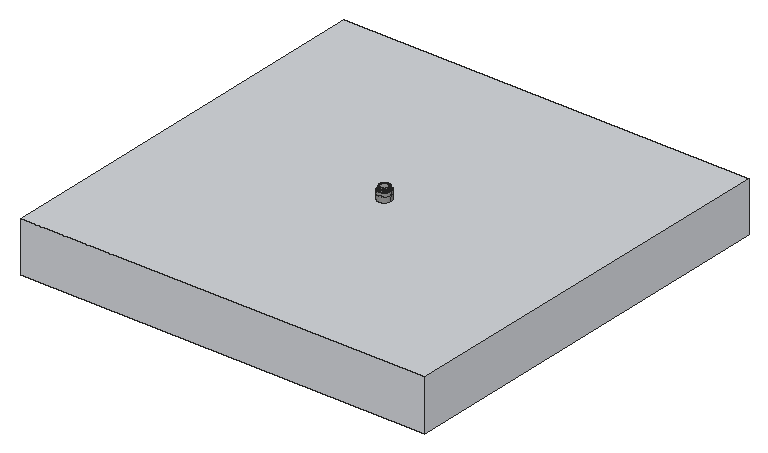
Revit family "Hekatron_Brandmeldetechnik_ORS 155 F _DE_23.01", category Brandmelder, Revit 2018
Family settings
  Basisbauteil = Fläche
  Beschriftungsausrichtung beibehalten = Ja
  Bemaßung runder Anschluss = Durchmesser verwenden
  Teiletyp = Normal
  OmniClass-Nummer = 23.85.30.21
  OmniClass-Titel = Environmental Detection/Registration
  Beim Laden mit Abzugskörper schneiden = Nein
  Gemeinsam genutzt = Nein
  Raumberechnungspunkt = Nein
Parameters (values of type "ORS 155 F")
  Zulassungen nach EN 54 = "54-7, 54-25"
  Zulaessige Umgebungstemperatur = "-30 °C bis 70 °C"
  Zulaessige Luftgeschwindigkeit = ""
  Version des BIM Objektes = "23.01"
  VdS-Anerkennung = ""
  URL = "www.hekatron-brandschutz.de"
  UB A&S Artikel Nummer = "31-5000026-01-03"
  Typenkommentare = "Optischer Funkrauchschalter weiß"
  Tiefe (mm) = ""
  Stromaufnahme = ""
  Schutzart = "IP 42"
  Rauchteil einstellbar = ""
  Nettogewicht (g) = "168.0"
  Montageart = "Decke "
  Model = "ORS 155 F "
  Material = "Polycarbonat "
  Link zum Datenblatt = "https://www.hekatron-brandschutz.de/fileadmin/hekatron_elo/eloid/montageanleitung-ors-155-f_14638944.pdf"
  Link zu ausschreiben.de = "https://ausschreiben.de/catalog/hekatron/catalogItem/9a25f535-0c8d-4ccb-97c0-92f722ad80ba"
  Link zu Produktinformation = "https://www.hekatron-brandschutz.de/fileadmin/hekatron_elo/manuell/Produktinformation-Funksystem-155-F.pdf"
  Link zu Ausschreibungstext = "https://www.meinhplus.de/login"
  Leistungserklaerung (DoP) = "CRP-31-20-001"
  Lautstaerke DIN-Ton (dB) = ""
  Kabeleinführung = ""
  Hoehe (mm) = "70.0"
  Hersteller = "Hekatron"
  Funktionsprinzip = ""
  Farbe = "weiß, ähnlich RAL 9010"
  Ex-Zonen = ""
  Einstellung Temperaturklasse nach EN 54-5 = ""
  Einstellung Temperaturindex nach EN 54-5 = ""
  Einstellung Rauchempfindlichkeit nach EN 54-20 = ""
  Einstellen Rauchempfindlichkeit nach EN 54-7 = ""
  EG-Konformitaetszertifikat / Zertifikat der Leistungsbestaendigkeit = "1772-CPR-200341"
  Durchmesser (mm) = "80.0"
  Diameter [instance] = 80 mm
  Breite (mm) = ""
  Betriebsspannung = "3 V DC"
  Beschreibung = "Optischer Funkrauchschalter zum Einsatz in Feststellanlagen und weiteren Anwendungen."
  Depth [instance] = 70 mm
  Vorgabe-Ansicht = 1200 mm
  Bauartgenehmigungen = ""
  Anzahl Ansaugleitungen = ""
  Ansprechtemperatur = ""
  Alarm- & Empfindlichkeitsbereich = ""
Types (2, lengths in mm): name | Typenkommentare | Beschreibung
  (no name) | "Radio optical smoke switch 155" | "Radio optical smoke switch 155"
  ORS 155 F | "Optischer Funkrauchschalter weiß" | "Optischer Funkrauchschalter zum Einsatz in Feststellanlagen und weiteren Anwendungen."
Values of the unnamed type that differ from the named types
  Zulassungen nach EN 54 = ""
  Zulaessige Umgebungstemperatur = ""
  Version des BIM Objektes = ""
  UB A&S Artikel Nummer = ""
  Schutzart = ""
  Nettogewicht (g) = ""
  Montageart = ""
  Model = "ORS 155 F"
  Material = ""
  Link zum Datenblatt = ""
  Link zu ausschreiben.de = ""
  Link zu Produktinformation = ""
  Link zu Ausschreibungstext = ""
  Leistungserklaerung (DoP) = ""
  Hoehe (mm) = ""
  Farbe = ""
  EG-Konformitaetszertifikat / Zertifikat der Leistungsbestaendigkeit = ""
  Durchmesser (mm) = ""
  Betriebsspannung = ""
Reference planes
  plane 1 "Center (Front/Back)": y = 0
  plane 2: z = 0
  plane 3 "Center (Left/Right)": x = 0
Forms (mm)
  Extrusion 1, solid
    sketch origin (0, 0, 0) x (1, 0, 0) y (0, 1, 0)
      loop
        line (-1219.2, 1219.2) -> (-1219.2, -1219.2) -> (1219.2, -1219.2) -> (1219.2, 1219.2) -> (-1219.2, 1219.2)
    from 0 to -304.8
  Blend 2, solid, material "Polycarbonat, RAL 9010"
    base sketch origin (0, 0, 0) x (1, 0, 0) y (0, 1, 0)
      loop
        circle (0, 0) r 39.4
    top sketch origin (0, 0, 0) x (1, 0, 0) y (0, 1, 0)
      loop
        circle (0, 0) r 40
    from 0.5 to 32.7
  Extrusion 3, solid, material "Polycarbonat, RAL 9010"
    sketch origin (0, 0, 0) x (1, 0, 0) y (0, 1, 0)
      loop
        circle (0, 0) r 40
      loop
        circle (0, 0) r 37.4
    from 33.7 to 49.6
  Extrusion 4, solid, material "Polycarbonat, RAL 9010"
    sketch origin (0, 0, 0) x (1, 0, 0) y (0, 1, 0)
      loop
        circle (0, 0) r 38.7
    from 32.7 to 33.7
  Extrusion 5, solid, material "Polycarbonat, RAL 9010"
    sketch origin (0, 0, 0) x (1, 0, 0) y (0, 1, 0)
      loop
        circle (0, 0) r 29.2
    from 49.6 to 54.756
  Extrusion 6, solid, material "Polycarbonat, RAL 9010"
    sketch origin (0, 0, 0) x (1, 0, 0) y (0, 1, 0)
      loop
        circle (0, 0) r 34.25
      loop
        circle (0, 0) r 37.25
    from 33.7 to 49.6
  Extrusion 7, solid, material "Polycarbonat, RAL 9010"
    sketch origin (0, 0, 0) x (1, 0, 0) y (0, 1, 0)
      loop
        circle (0, 0) r 29.22
      loop
        circle (0, 0) r 34.1
    from 33.7 to 49.6
  Revolve 8, solid, material "Polycarbonat, RAL 9010"
    sketch origin (0, 0, 0) x (1, 0, 0) y (0, 0, 1)
      loop
        line (-28.95, 56.905) -> (-28.95, 55.705) -> (-26.691, 55.705) -> (-26.691, 56.905) -> (-28.95, 56.905)
      loop
        line (-28.95, 59.605) -> (-28.95, 58.405) -> (-26.691, 58.405) -> (-26.691, 59.605) -> (-28.95, 59.605)
      loop
        line (-28.95, 62.405) -> (-28.95, 61.205) -> (-26.691, 61.205) -> (-26.691, 62.405) -> (-28.95, 62.405)
      loop
        line (-28.95, 65.805) -> (-28.95, 64.425) -> (-24.95, 64.425) -> (-24.95, 65.805) -> (-28.95, 65.805)
      loop
        line (-28.95, 70) -> (-28.95, 68.242) -> (-26.691, 68.242) -> (-26.691, 70) -> (-28.95, 70)
      axis (0, 70) -> (0, 55.705)
    angle from 0 to 360
  Extrusion 9, solid, material "Polycarbonat, RAL 9010"
    sketch origin (18.332, -14.712, 1.143) x (-0.390731, -0.920505, 0) y (0, 0, 1)
      loop
        line (18.452, 67.399) -> (18.452, 64.962) -> (20.837, 64.962)
        arc (20.837, 64.962) -> (20.206, 65.628) -> (19.977, 66.516) r 1.835
        line (19.977, 66.516) -> (19.977, 67.399) -> (18.452, 67.399)
    from 21.064 to 25.046
  Extrusion 10, solid, material "Polycarbonat, RAL 9010"
    sketch origin (-18.332, -14.712, 1.143) x (0.390731, -0.920505, 0) y (0, 0, -1)
      loop
        line (18.452, -67.399) -> (19.977, -67.399) -> (19.977, -66.516)
        arc (19.977, -66.516) -> (20.206, -65.628) -> (20.837, -64.962) r 1.835
        line (20.837, -64.962) -> (18.452, -64.962) -> (18.452, -67.399)
    from 21.064 to 25.046
  Extrusion 11, solid, material "Polycarbonat, RAL 9010"
    sketch origin (14.712, -18.332, 1.143) x (0.920505, 0.390731, 0) y (0, 0, -1)
      loop
        line (18.452, -67.399) -> (19.977, -67.399) -> (19.977, -66.516)
        arc (19.977, -66.516) -> (20.206, -65.628) -> (20.837, -64.962) r 1.835
        line (20.837, -64.962) -> (18.452, -64.962) -> (18.452, -67.399)
    from 21.064 to 25.046
  Extrusion 12, solid, material "Polycarbonat, RAL 9010"
    sketch origin (14.712, 18.332, 1.143) x (0.920505, -0.390731, 0) y (0, 0, 1)
      loop
        line (18.452, 67.399) -> (18.452, 64.962) -> (20.837, 64.962)
        arc (20.837, 64.962) -> (20.206, 65.628) -> (19.977, 66.516) r 1.835
        line (19.977, 66.516) -> (19.977, 67.399) -> (18.452, 67.399)
    from 21.064 to 25.046
  Extrusion 13, solid, material "Polycarbonat, RAL 9010"
    sketch origin (-14.712, -18.332, 1.143) x (-0.920505, 0.390731, 0) y (0, 0, 1)
      loop
        line (18.452, 67.399) -> (18.452, 64.962) -> (20.837, 64.962)
        arc (20.837, 64.962) -> (20.206, 65.628) -> (19.977, 66.516) r 1.835
        line (19.977, 66.516) -> (19.977, 67.399) -> (18.452, 67.399)
    from 21.064 to 25.046
  Extrusion 14, solid, material "Polycarbonat, RAL 9010"
    sketch origin (-14.712, 18.332, 1.143) x (-0.920505, -0.390731, 0) y (0, 0, -1)
      loop
        line (18.452, -67.399) -> (19.977, -67.399) -> (19.977, -66.516)
        arc (19.977, -66.516) -> (20.206, -65.628) -> (20.837, -64.962) r 1.835
        line (20.837, -64.962) -> (18.452, -64.962) -> (18.452, -67.399)
    from 21.064 to 25.046
  Extrusion 15, solid, material "Polycarbonat, RAL 9010"
    sketch origin (18.332, 14.712, 1.143) x (-0.390731, 0.920505, 0) y (0, 0, -1)
      loop
        line (18.452, -67.399) -> (19.977, -67.399) -> (19.977, -66.516)
        arc (19.977, -66.516) -> (20.206, -65.628) -> (20.837, -64.962) r 1.835
        line (20.837, -64.962) -> (18.452, -64.962) -> (18.452, -67.399)
    from 21.064 to 25.046
  Extrusion 16, solid, material "Polycarbonat, RAL 9010"
    sketch origin (-18.332, 14.712, 1.143) x (0.390731, 0.920505, 0) y (0, 0, 1)
      loop
        line (18.452, 67.399) -> (18.452, 64.962) -> (20.837, 64.962)
        arc (20.837, 64.962) -> (20.206, 65.628) -> (19.977, 66.516) r 1.835
        line (19.977, 66.516) -> (19.977, 67.399) -> (18.452, 67.399)
    from 21.064 to 25.046
  Extrusion 17, solid, material "Polycarbonat, RAL 9010"
    sketch origin (0, 0, 0) x (1, 0, 0) y (0, 1, 0)
      loop
        line (9.648, 26.718) -> (9.017, 25.233) -> (12.682, 23.677) -> (13.313, 25.162) -> (9.648, 26.718)
    from 54.756 to 64.725
  Extrusion 18, solid, material "Polycarbonat, RAL 9010"
    sketch origin (0, 0, 0) x (-1, 0, 0) y (0, -1, 0)
      loop
        line (9.648, -26.718) -> (13.313, -25.162) -> (12.682, -23.677) -> (9.017, -25.233) -> (9.648, -26.718)
    from 54.756 to 64.725
  Extrusion 19, solid, material "Polycarbonat, RAL 9010"
    sketch origin (0, 0, 0) x (0, -1, 0) y (1, 0, 0)
      loop
        line (9.648, -26.718) -> (13.313, -25.162) -> (12.682, -23.677) -> (9.017, -25.233) -> (9.648, -26.718)
    from 54.756 to 64.725
  Extrusion 20, solid, material "Polycarbonat, RAL 9010"
    sketch origin (0, 0, 0) x (0, 1, 0) y (-1, 0, 0)
      loop
        line (9.648, 26.718) -> (9.017, 25.233) -> (12.682, 23.677) -> (13.313, 25.162) -> (9.648, 26.718)
    from 54.756 to 64.725
  Extrusion 21, solid, material "Polycarbonat, RAL 9010"
    sketch origin (0, 0, 0) x (0, -1, 0) y (1, 0, 0)
      loop
        line (9.648, 26.718) -> (9.017, 25.233) -> (12.682, 23.677) -> (13.313, 25.162) -> (9.648, 26.718)
    from 54.756 to 64.725
  Extrusion 22, solid, material "Polycarbonat, RAL 9010"
    sketch origin (0, 0, 0) x (0, 1, 0) y (-1, 0, 0)
      loop
        line (9.648, -26.718) -> (13.313, -25.162) -> (12.682, -23.677) -> (9.017, -25.233) -> (9.648, -26.718)
    from 54.756 to 64.725
  Extrusion 23, solid, material "Polycarbonat, RAL 9010"
    sketch origin (0, 0, 0) x (1, 0, 0) y (0, 1, 0)
      loop
        line (9.648, -26.718) -> (13.313, -25.162) -> (12.682, -23.677) -> (9.017, -25.233) -> (9.648, -26.718)
    from 54.756 to 64.725
  Extrusion 24, solid, material "Polycarbonat, RAL 9010"
    sketch origin (0, 0, 0) x (-1, 0, 0) y (0, -1, 0)
      loop
        line (9.648, 26.718) -> (9.017, 25.233) -> (12.682, 23.677) -> (13.313, 25.162) -> (9.648, 26.718)
    from 54.756 to 64.725
  Extrusion 25, solid, material "Polycarbonat, RAL 9010"
    sketch origin (0, 0, 0) x (1, 0, 0) y (0, 1, 0)
      loop
        line (23.731, 18.897) -> (20.267, 16.897)
        arc (20.267, 16.897) -> (18.62, 10.75) -> (24.767, 9.103) r 4.5
        line (24.767, 9.103) -> (28.231, 11.103)
        arc (28.231, 11.103) -> (29.878, 17.25) -> (23.731, 18.897) r 4.5
      loop
        line (-20.617, -14.79) -> (-23.117, -10.46)
        arc (-23.117, -10.46) -> (-29.264, -8.813) -> (-30.911, -14.96) r 4.5
        line (-30.911, -14.96) -> (-28.411, -19.29)
        arc (-28.411, -19.29) -> (-22.264, -20.937) -> (-20.617, -14.79) r 4.5
      loop
        arc (21.517, 14.732) -> (20.785, 12) -> (23.517, 11.268) r 2
        line (23.517, 11.268) -> (26.981, 13.268)
        arc (26.981, 13.268) -> (27.713, 16) -> (24.981, 16.732) r 2
        line (24.981, 16.732) -> (21.517, 14.732)
      loop
        arc (-26.246, -18.04) -> (-23.514, -18.772) -> (-22.782, -16.04) r 2
        line (-22.782, -16.04) -> (-25.282, -11.71)
        arc (-25.282, -11.71) -> (-28.014, -10.978) -> (-28.746, -13.71) r 2
        line (-28.746, -13.71) -> (-26.246, -18.04)
      loop
        circle (-14.879, 25.763) r 4.02
      loop
        circle (-14.879, 25.763) r 5
      loop
        circle (14.879, -25.763) r 4.02
      loop
        circle (14.879, -25.763) r 5
    from 0 to 0.5
  Extrusion 26, void
    sketch origin (0, 0, 0) x (1, 0, 0) y (0, 1, 0)
      loop
        circle (0, 0) r 5
      loop
        circle (-14.879, 25.763) r 4.02
      loop
        line (24.981, 16.732) -> (21.517, 14.732)
        arc (21.517, 14.732) -> (20.785, 12) -> (23.517, 11.268) r 2
        line (23.517, 11.268) -> (26.981, 13.268)
        arc (26.981, 13.268) -> (27.713, 16) -> (24.981, 16.732) r 2
      loop
        circle (14.879, -25.763) r 4.02
      loop
        line (-22.782, -16.04) -> (-25.282, -11.71)
        arc (-25.282, -11.71) -> (-28.014, -10.978) -> (-28.746, -13.71) r 2
        line (-28.746, -13.71) -> (-26.246, -18.04)
        arc (-26.246, -18.04) -> (-23.514, -18.772) -> (-22.782, -16.04) r 2
    from 0.5 to 1
  Extrusion 27, solid, material "Polycarbonat, RAL 9010"
    sketch origin (0, 0, 0) x (1, 0, 0) y (0, 1, 0)
      loop
        circle (0, 0) r 26.691
    from 68.542 to 70
Cuts and joins
  Extrusion 26 cuts Blend 2
  Extrusion 26 cuts Extrusion 4
  Extrusion 26 cuts Extrusion 5
Dimensions and locks
  "Depth": Revolve 8 to Extrusion 1
  "Diameter": diameter of Extrusion 3
  aligned and locked: plane 2 to Extrusion 1
  aligned and locked: level to Extrusion 1
Automatic sketch dimensions
  Extrusion 1 sketch curve to Extrusion 1 sketch curve = 2438.4 mm  (x2)
  plane 1 "Center (Front/Back)" to Blend 2 sketch curve = 0 mm  (x2)
  Blend 2 sketch curve to plane 3 "Center (Left/Right)" = 0 mm  (x2)
  Extrusion 3 sketch curve to Extrusion 3 sketch curve = 0 mm  (x2)
  plane 1 "Center (Front/Back)" to Extrusion 3 sketch curve = 0 mm
  Extrusion 3 sketch curve to plane 3 "Center (Left/Right)" = 0 mm
  plane 1 "Center (Front/Back)" to Extrusion 4 sketch curve = 0 mm
  Extrusion 4 sketch curve to plane 3 "Center (Left/Right)" = 0 mm
  plane 1 "Center (Front/Back)" to Extrusion 5 sketch curve = 0 mm
  Extrusion 5 sketch curve to plane 3 "Center (Left/Right)" = 0 mm
  Extrusion 6 sketch curve to Extrusion 6 sketch curve = 0 mm  (x2)
  plane 1 "Center (Front/Back)" to Extrusion 6 sketch curve = 0 mm
  Extrusion 6 sketch curve to plane 3 "Center (Left/Right)" = 0 mm
  Extrusion 7 sketch curve to Extrusion 7 sketch curve = 0 mm  (x2)
  plane 1 "Center (Front/Back)" to Extrusion 7 sketch curve = 0 mm
  Extrusion 7 sketch curve to plane 3 "Center (Left/Right)" = 0 mm
  Revolve 8 sketch curve to plane 3 "Center (Left/Right)" = 0 mm
  Revolve 8 sketch curve to plane 3 "Center (Left/Right)" = 24.95 mm
  Revolve 8 sketch curve to Revolve 8 sketch curve = 1.741 mm  (x2)
  Revolve 8 sketch curve to Revolve 8 sketch curve = 0 mm  (x3)
  Revolve 8 sketch curve to Revolve 8 sketch curve = 2.259 mm  (x4)
  level to Revolve 8 sketch curve = 55.705 mm
  Revolve 8 sketch curve to Revolve 8 sketch curve = 1.2 mm  (x3)
  Revolve 8 sketch curve to Revolve 8 sketch curve = 1.5 mm
  Revolve 8 sketch curve to Revolve 8 sketch curve = 1.6 mm
  Revolve 8 sketch curve to Revolve 8 sketch curve = 2.02 mm
  Revolve 8 sketch curve to Revolve 8 sketch curve = 1.38 mm
  Revolve 8 sketch curve to Revolve 8 sketch curve = 2.437 mm
  Revolve 8 sketch curve to Revolve 8 sketch curve = 1.758 mm
  Revolve 8 sketch curve to level = 609.6 mm
  Revolve 8 sketch curve to Revolve 8 sketch curve = 2538.758 mm
  level to Extrusion 9 sketch curve = 66.105 mm
  Extrusion 9 sketch curve to Extrusion 9 sketch curve = 1.524 mm
  Extrusion 9 sketch curve to Extrusion 9 sketch curve = 0.86 mm
  Extrusion 9 sketch curve to Extrusion 9 sketch curve = 0.975 mm
  Extrusion 9 sketch curve to Extrusion 9 sketch curve = 0.883 mm
  level to Extrusion 10 sketch curve = 66.105 mm
  Extrusion 10 sketch curve to Extrusion 10 sketch curve = 1.524 mm
  Extrusion 10 sketch curve to Extrusion 10 sketch curve = 0.86 mm
  Extrusion 10 sketch curve to Extrusion 10 sketch curve = 0.975 mm
  Extrusion 10 sketch curve to Extrusion 10 sketch curve = 0.883 mm
  level to Extrusion 11 sketch curve = 66.105 mm
  Extrusion 11 sketch curve to Extrusion 11 sketch curve = 1.524 mm
  Extrusion 11 sketch curve to Extrusion 11 sketch curve = 0.86 mm
  Extrusion 11 sketch curve to Extrusion 11 sketch curve = 0.975 mm
  Extrusion 11 sketch curve to Extrusion 11 sketch curve = 0.883 mm
  level to Extrusion 12 sketch curve = 66.105 mm
  Extrusion 12 sketch curve to Extrusion 12 sketch curve = 1.524 mm
  Extrusion 12 sketch curve to Extrusion 12 sketch curve = 0.86 mm
  Extrusion 12 sketch curve to Extrusion 12 sketch curve = 0.975 mm
  Extrusion 12 sketch curve to Extrusion 12 sketch curve = 0.883 mm
  level to Extrusion 13 sketch curve = 66.105 mm
  Extrusion 13 sketch curve to Extrusion 13 sketch curve = 1.524 mm
  Extrusion 13 sketch curve to Extrusion 13 sketch curve = 0.86 mm
  Extrusion 13 sketch curve to Extrusion 13 sketch curve = 0.975 mm
  Extrusion 13 sketch curve to Extrusion 13 sketch curve = 0.883 mm
  level to Extrusion 14 sketch curve = 66.105 mm
  Extrusion 14 sketch curve to Extrusion 14 sketch curve = 1.524 mm
  Extrusion 14 sketch curve to Extrusion 14 sketch curve = 0.86 mm
  Extrusion 14 sketch curve to Extrusion 14 sketch curve = 0.975 mm
  Extrusion 14 sketch curve to Extrusion 14 sketch curve = 0.883 mm
  level to Extrusion 15 sketch curve = 66.105 mm
  Extrusion 15 sketch curve to Extrusion 15 sketch curve = 1.524 mm
  Extrusion 15 sketch curve to Extrusion 15 sketch curve = 0.86 mm
  Extrusion 15 sketch curve to Extrusion 15 sketch curve = 0.975 mm
  Extrusion 15 sketch curve to Extrusion 15 sketch curve = 0.883 mm
  level to Extrusion 16 sketch curve = 66.105 mm
  Extrusion 16 sketch curve to Extrusion 16 sketch curve = 1.524 mm
  Extrusion 16 sketch curve to Extrusion 16 sketch curve = 0.86 mm
  Extrusion 16 sketch curve to Extrusion 16 sketch curve = 0.975 mm
  Extrusion 16 sketch curve to Extrusion 16 sketch curve = 0.883 mm
  plane 3 "Center (Left/Right)" to Extrusion 17 sketch curve = 9.017 mm
  Extrusion 17 sketch curve to Extrusion 17 sketch curve = 0.631 mm
  Extrusion 17 sketch curve to Extrusion 17 sketch curve = 3.665 mm
  Extrusion 17 sketch curve to plane 1 "Center (Front/Back)" = 23.677 mm
  Extrusion 17 sketch curve to Extrusion 17 sketch curve = 1.486 mm
  plane 3 "Center (Left/Right)" to Extrusion 18 sketch curve = 9.017 mm
  Extrusion 18 sketch curve to Extrusion 18 sketch curve = 0.631 mm
  Extrusion 18 sketch curve to Extrusion 18 sketch curve = 3.665 mm
  plane 1 "Center (Front/Back)" to Extrusion 18 sketch curve = 23.677 mm
  Extrusion 18 sketch curve to Extrusion 18 sketch curve = 1.486 mm
  Extrusion 19 sketch curve to plane 1 "Center (Front/Back)" = 9.017 mm
  Extrusion 19 sketch curve to Extrusion 19 sketch curve = 0.631 mm
  Extrusion 19 sketch curve to Extrusion 19 sketch curve = 3.665 mm
  plane 3 "Center (Left/Right)" to Extrusion 19 sketch curve = 23.677 mm
  Extrusion 19 sketch curve to Extrusion 19 sketch curve = 1.486 mm
  Extrusion 20 sketch curve to plane 1 "Center (Front/Back)" = 9.017 mm
  Extrusion 20 sketch curve to Extrusion 20 sketch curve = 0.631 mm
  Extrusion 20 sketch curve to Extrusion 20 sketch curve = 3.665 mm
  Extrusion 20 sketch curve to plane 3 "Center (Left/Right)" = 23.677 mm
  Extrusion 20 sketch curve to Extrusion 20 sketch curve = 1.486 mm
  plane 1 "Center (Front/Back)" to Extrusion 21 sketch curve = 9.017 mm
  Extrusion 21 sketch curve to Extrusion 21 sketch curve = 0.631 mm
  Extrusion 21 sketch curve to Extrusion 21 sketch curve = 3.665 mm
  plane 3 "Center (Left/Right)" to Extrusion 21 sketch curve = 23.677 mm
  Extrusion 21 sketch curve to Extrusion 21 sketch curve = 1.486 mm
  plane 1 "Center (Front/Back)" to Extrusion 22 sketch curve = 9.017 mm
  Extrusion 22 sketch curve to Extrusion 22 sketch curve = 0.631 mm
  Extrusion 22 sketch curve to Extrusion 22 sketch curve = 3.665 mm
  Extrusion 22 sketch curve to plane 3 "Center (Left/Right)" = 23.677 mm
  Extrusion 22 sketch curve to Extrusion 22 sketch curve = 1.486 mm
  Extrusion 23 sketch curve to plane 3 "Center (Left/Right)" = 9.017 mm
  Extrusion 23 sketch curve to Extrusion 23 sketch curve = 0.631 mm
  Extrusion 23 sketch curve to Extrusion 23 sketch curve = 3.665 mm
  Extrusion 23 sketch curve to plane 1 "Center (Front/Back)" = 23.677 mm
  Extrusion 23 sketch curve to Extrusion 23 sketch curve = 1.486 mm
  Extrusion 24 sketch curve to plane 3 "Center (Left/Right)" = 9.017 mm
  Extrusion 24 sketch curve to Extrusion 24 sketch curve = 0.631 mm
  Extrusion 24 sketch curve to Extrusion 24 sketch curve = 3.665 mm
  plane 1 "Center (Front/Back)" to Extrusion 24 sketch curve = 23.677 mm
  Extrusion 24 sketch curve to Extrusion 24 sketch curve = 1.486 mm
  Extrusion 25 sketch curve to Extrusion 25 sketch curve = 0 mm  (x12)
  plane 1 "Center (Front/Back)" to Extrusion 25 sketch curve = 14.96 mm
  Extrusion 25 sketch curve to plane 3 "Center (Left/Right)" = 30.911 mm
  plane 1 "Center (Front/Back)" to Extrusion 25 sketch curve = 13.71 mm
  Extrusion 25 sketch curve to Extrusion 25 sketch curve = 2.165 mm  (x3)
  Extrusion 25 sketch curve to Extrusion 25 sketch curve = 2.5 mm
  Extrusion 25 sketch curve to Extrusion 25 sketch curve = 1.732 mm  (x6)
  plane 1 "Center (Front/Back)" to Extrusion 25 sketch curve = 11.71 mm
  plane 1 "Center (Front/Back)" to Extrusion 25 sketch curve = 10.46 mm
  plane 1 "Center (Front/Back)" to Extrusion 25 sketch curve = 16.04 mm
  plane 1 "Center (Front/Back)" to Extrusion 25 sketch curve = 14.79 mm
  Extrusion 25 sketch curve to plane 3 "Center (Left/Right)" = 14.879 mm
  plane 3 "Center (Left/Right)" to Extrusion 25 sketch curve = 14.879 mm
  plane 3 "Center (Left/Right)" to Extrusion 25 sketch curve = 20.267 mm
  Extrusion 25 sketch curve to Extrusion 25 sketch curve = 1.25 mm  (x4)
  Extrusion 25 sketch curve to Extrusion 25 sketch curve = 1 mm  (x5)
  Extrusion 25 sketch curve to plane 1 "Center (Front/Back)" = 11.268 mm
  Extrusion 25 sketch curve to Extrusion 25 sketch curve = 3.464 mm
  Extrusion 25 sketch curve to plane 1 "Center (Front/Back)" = 9.103 mm
  Extrusion 25 sketch curve to plane 1 "Center (Front/Back)" = 13.268 mm
  Extrusion 25 sketch curve to plane 1 "Center (Front/Back)" = 11.103 mm
  plane 1 "Center (Front/Back)" to Extrusion 25 sketch curve = 25.763 mm
  Extrusion 25 sketch curve to plane 1 "Center (Front/Back)" = 25.763 mm
  Extrusion 26 sketch curve to Extrusion 26 sketch curve = 0 mm  (x4)
  plane 1 "Center (Front/Back)" to Extrusion 26 sketch curve = 0 mm
  Extrusion 26 sketch curve to plane 3 "Center (Left/Right)" = 0 mm
  Extrusion 26 sketch curve to plane 3 "Center (Left/Right)" = 14.879 mm
  Extrusion 26 sketch curve to plane 3 "Center (Left/Right)" = 22.782 mm
  Extrusion 26 sketch curve to Extrusion 26 sketch curve = 1.732 mm  (x6)
  plane 1 "Center (Front/Back)" to Extrusion 26 sketch curve = 11.71 mm
  Extrusion 26 sketch curve to Extrusion 26 sketch curve = 2.5 mm
  plane 1 "Center (Front/Back)" to Extrusion 26 sketch curve = 13.71 mm
  plane 3 "Center (Left/Right)" to Extrusion 26 sketch curve = 14.879 mm
  plane 3 "Center (Left/Right)" to Extrusion 26 sketch curve = 21.517 mm
  Extrusion 26 sketch curve to Extrusion 26 sketch curve = 1 mm  (x5)
  Extrusion 26 sketch curve to Extrusion 26 sketch curve = 3.464 mm
  Extrusion 26 sketch curve to plane 1 "Center (Front/Back)" = 13.268 mm
  Extrusion 26 sketch curve to Extrusion 26 sketch curve = 4.33 mm
  plane 1 "Center (Front/Back)" to Extrusion 26 sketch curve = 25.763 mm
  Extrusion 26 sketch curve to Extrusion 26 sketch curve = 2 mm
  Extrusion 26 sketch curve to plane 1 "Center (Front/Back)" = 25.763 mm
  Extrusion 26 sketch curve to Extrusion 26 sketch curve = 4.02 mm  (x2)
  Extrusion 27 sketch curve to Extrusion 27 sketch curve = 0 mm  (x2)
  plane 1 "Center (Front/Back)" to Extrusion 27 sketch curve = 0 mm
  Extrusion 27 sketch curve to plane 3 "Center (Left/Right)" = 0 mm
  Extrusion 27 sketch curve to Extrusion 27 sketch curve = 26.691 mm
  radius of Blend 2 sketch curve = 39.4 mm
  radius of Blend 2 sketch curve = 40 mm
  radius of Extrusion 3 sketch curve = 40 mm
  radius of Extrusion 3 sketch curve = 37.4 mm
  radius of Extrusion 4 sketch curve = 38.7 mm
  radius of Extrusion 5 sketch curve = 29.2 mm
  radius of Extrusion 6 sketch curve = 34.25 mm
  radius of Extrusion 6 sketch curve = 37.25 mm
  radius of Extrusion 7 sketch curve = 29.22 mm
  radius of Extrusion 7 sketch curve = 34.1 mm
  radius of Extrusion 25 sketch curve = 4.02 mm  (x2)
  radius of Extrusion 25 sketch curve = 5 mm  (x2)
  radius of Extrusion 26 sketch curve = 5 mm
Connectors
  electrical at (0, 0, 0)
    settings: index 1, voltage 0 V, apparent load 0 VA, apparent load phase1 0 VA, apparent load phase2 0 VA, apparent load phase3 0 VA, power factor 1, load classification "Other", number of poles 1, system type 11, power factor state 1, is connector primary yes, connector utility no, sub classification motor no, connector description ""
